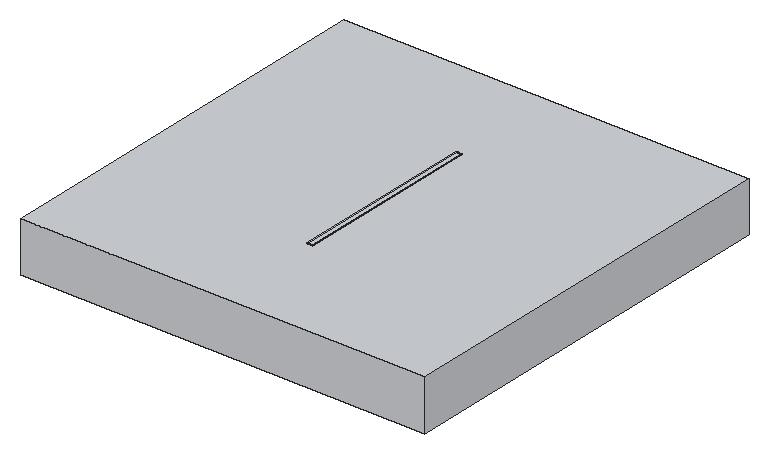
Revit family "LAMP_FIL 35 1120MM OPAL COMFORT TRIMLESS", category Luminarias, Revit 2018
Family settings
  Anfitrión = Cara
  Cota de conector redondo = Diámetro de uso
  Tipo de pieza = Normal
  Corte con vacíos al cargar = No
  Origen de luz = Sí
  Compartido = No
  Punto de cálculo de habitación = No
Parameters (values of type "1068LM 3000K  WHITE")
  Ángulo de inclinación = -90.00°
  Weight = 3.00 kg
  Wattage = 12.1 W
  Type = "MID POWER TRIDONIC"
  built-in parameter 1150107 = 3000 (stored number, unit not read)
  Recessed dimensions = "1127x52x0"
  built-in parameter 1150110 = 1 (stored number, unit not read)
  built-in parameter 1150109 = 1 (stored number, unit not read)
  built-in parameter 1150112 = 1 (stored number, unit not read)
  built-in parameter 1150113 = 1 (stored number, unit not read)
  built-in parameter 1114218 = 1 (stored number, unit not read)
  Protection rating = "IP20 / IK07"
  Product datasheet = "http://www.lamp.es/product-files/TECH/F31TR112LOOC830NW-EN.pdf"
  Product code = "F31TR112LOOC830NW"
  Product URL = "https://www.lamp.es/en/family/fil-35_413911"
  Power Supply = "220-240V 50/60Hz"
  Power = 11 W
  Plum = 12.1 W
  Photobiological risk = ""
  NOT COVER 2 [instance] = not(END COVER 2)  # no
  NOT COVER 1 [instance] = not(END COVER 1)  # no
  built-in parameter 1150137 = (empty or 0)
  built-in parameter 1150132 = 2
  Modelo = Product code  # "F31TR112LOOC830NW"
  Model Explanation = ""
  Material suspension = LAMP_Acero genérico
  Material perfil = LAMP_Aluminio Perfil Fil BL
  Material difusor = LAMP_PC Difusor Opal Fil
  Manufacturer name = "LAMP"
  Manufacturer country = "Spain"
  Manufacturer URL = "http://www.lamp.es/en"
  MacAdam = "3"
  Longitud de línea de emisión = 1120 mm
  Last update = "07/05/2021"
  Lamp = "MID-POWER LED"
  LED Lifetime = "50.000 L90 B10"
  built-in parameter 1150105 = 421.71 (stored number, unit not read)
  built-in parameter 1150102 = (empty or 0)
  Insulation class = "I"
  Installation instructions = "https://www.lamp.es/product-files/INS/1004590-A%20INSTR.%20FIL35.pdf"
  built-in parameter 1150106 = 4.2171 (stored number, unit not read)
  IEE = "A+"
  Gear = "Electronic"
  Lumens = 1067.22 lm
  Finish = "Matte white RAL 9010"
  Color Filter = 16777215
  built-in parameter 1114217 = 1 (stored number, unit not read)
  built-in parameter 1150139 = (empty or 0)
  Fabricante = Manufacturer name  # "LAMP"
  Default Elevation = 1219.2 mm
  built-in parameter 1150104 = 8.194 (stored number, unit not read)
  Efficacy = 88.2 lm/W
  END COVER 2 [instance] = yes
  END COVER 1 [instance] = yes
  Dimensions = "1120x51x76"
  Descripción = "FIL35 TRIM 1120 1600 WW OP COMF WH."
  built-in parameter 1150115 = 1 (stored number, unit not read)
  built-in parameter 1150114 = 1 (stored number, unit not read)
  built-in parameter 1150138 = (empty or 0)
  built-in parameter 1150134 = 3
  Dimming Lamp Color Temperature Shift = (empty or 0)
  CRI = "80"
  Archivo de red fotométrica = "F31TR112LOOC830NW.IES"
  built-in parameter 1150133 = 10 (stored number, unit not read)
Types (4, lengths in mm): name | built-in parameter 1150107 | Product datasheet | Product code | Modelo | built-in parameter 1150105 | built-in parameter 1150106 | Lumens | built-in parameter 1150104 | Efficacy | Descripción | Archivo de red fotométrica
  1068LM 3000K DALI WHITE | 3000 (stored number, unit not read) | "http://www.lamp.es/product-files/TECH/F31TR112LOOC830DW-EN.pdf" | "F31TR112LOOC830DW" | "F31TR112LOOC830DW" | 421.71 (stored number, unit not read) | 4.2171 (stored number, unit not read) | 1067.22 lm | 8.194 (stored number, unit not read) | 88.2 lm/W | "FIL35 TRIM 1120 1600 WW OP COMF DALI WH." | "F31TR112LOOC830nW.IES"
  1068LM 3000K  WHITE | 3000 (stored number, unit not read) | "http://www.lamp.es/product-files/TECH/F31TR112LOOC830NW-EN.pdf" | "F31TR112LOOC830NW" | "F31TR112LOOC830NW" | 421.71 (stored number, unit not read) | 4.2171 (stored number, unit not read) | 1067.22 lm | 8.194 (stored number, unit not read) | 88.2 lm/W | "FIL35 TRIM 1120 1600 WW OP COMF WH." | "F31TR112LOOC830NW.IES"
  1112LM 4000K DALI WHITE | 4000 (stored number, unit not read) | "http://www.lamp.es/product-files/TECH/F31TR112LOOC840DW-EN.pdf" | "F31TR112LOOC840DW" | "F31TR112LOOC840DW" | 439.41 (stored number, unit not read) | 4.3941 (stored number, unit not read) | 1111.99 lm | 8.5378 (stored number, unit not read) | 91.9 lm/W | "FIL35 TRIM 1120 1600 NW OP COMF DALI WH." | "F31TR112LOOC840nW.IES"
  1112LM 4000K  WHITE | 4000 (stored number, unit not read) | "http://www.lamp.es/product-files/TECH/F31TR112LOOC840NW-EN.pdf" | "F31TR112LOOC840NW" | "F31TR112LOOC840NW" | 439.41 (stored number, unit not read) | 4.3941 (stored number, unit not read) | 1111.99 lm | 8.5378 (stored number, unit not read) | 91.9 lm/W | "FIL35 TRIM 1120 1600 NW OP COMF WH." | "F31TR112LOOC840NW.IES"
Reference planes
  plane 1 "Centro (Frontal/Posterior)": y = 0
  plane 2: z = 0
  plane 3 "Centro (Izquierda/Derecha)": x = 0
Forms (mm)
  Extrusion 1, solid
    sketch origin (0, 0, 0) x (1, 0, 0) y (0, 1, 0)
      loop
        line (-1219.2, 1219.2) -> (-1219.2, -1219.2) -> (1219.2, -1219.2) -> (1219.2, 1219.2) -> (-1219.2, 1219.2)
    from 0 to -304.8
  Extrusion 2, solid, material "LAMP_Aluminio Perfil Fil BL" <- "Material perfil"
    sketch origin (0, 0, -281.8) x (1, 0, 0) y (0, 0, 1)
      loop
        line (-17.5, 205.82) -> (0, 205.82) -> (17.5, 205.82) -> (17.5, 270.3) -> (25.5, 270.3) -> (25.5, 271.8) -> (17.5, 271.8) -> (17.5, 280.8) -> (16.5, 281.8) -> (16.5, 259) -> (0, 259) -> (-16.5, 259) -> (-16.5, 281.8) -> (-17.5, 280.8) -> (-17.5, 271.8) -> (-25.5, 271.8) -> (-25.5, 270.3) -> (-17.5, 270.3) -> (-17.5, 205.82)
    from -560 to 560
  Extrusion 3, solid, material "LAMP_PC Difusor Opal Fil" <- "Material difusor"
    sketch origin (0, 0, -283) x (1, 0, 0) y (0, 0, 1)
      loop
        line (-16.5, 283) -> (-16.5, 281.8) -> (16.5, 281.8) -> (16.5, 283) -> (-16.5, 283)
    from -560 to 560
Text (mm)
  text "Any modification of the parameters and properties of the LAMP BIM models must be executed and validated by the LAMP technical department.\nPhone: +34 93 736 68 00\nE-mail: lamp@lamp.es\n\nLAMP reserves the right to modify the technical specifications of its products." at (3249.303, 5266.069, -2786.139), in view "Preview"
Dimensions and locks
  aligned and locked: plane 2 to Extrusion 1
  aligned and locked: level to Extrusion 1
Nested families
  nested 1: "LAMP_FIL 35 END COVER TRIMLESS" at (0, -561, -76), visible <- "END COVER 1", type "Blanco"
  nested 2: "LAMP_FIL 35 END COVER TRIMLESS" at (0, 561, -76), visible <- "END COVER 2", type "Blanco"
Connectors
  electrical at (0, 0, -75.3)
    settings: on Extrusion 2, index 1, voltage 230 V, apparent load 0 VA, apparent load phase1 0 VA, apparent load phase2 0 VA, apparent load phase3 0 VA, power factor 1, load classification "Otro", number of poles 1, system type 31, power factor state 1, is connector primary yes, connector utility no, sub classification motor no, connector description ""
Definition of nested family "LAMP_FIL 35 END COVER TRIMLESS"
  Parameters (values of type "Blanco")
    Material tapa = none
  Reference planes
    plane 1 "Centro (Frontal/Posterior)": y = 0
    plane 2: z = 0
    plane 3 "Centro (Izquierda/Derecha)": x = 0
  Forms (mm)
    Extrusion 1, solid, material <- "Material tapa"
      sketch origin (0, 0, 0) x (0, -1, 0) y (0, 0, 1)
        loop
          line (0, 0) -> (1, 0) -> (1, 76) -> (-1, 76) -> (-1, 0) -> (0, 0)
      from -17.5 to 17.5
    Extrusion 2, void
      sketch origin (-1, 0, 65.55) x (1, 0, 0) y (0, 0, 1)
        loop
          line (18.5, 0) -> (18.5, 10.45) -> (17.5, 10.45) -> (17.5, 0) -> (18.5, 0)
      from -23.5 to 23.5
    Extrusion 3, void
      sketch origin (1, 0, 65.55) x (-1, 0, 0) y (0, 0, -1)
        loop
          line (18.5, 0) -> (17.5, 0) -> (17.5, -10.45) -> (18.5, -10.45) -> (18.5, 0)
      from -23.5 to 23.5
  Cuts and joins
    Extrusion 2, Extrusion 3 cuts Extrusion 1
  Dimensions and locks
    aligned and locked: level to plane 2
